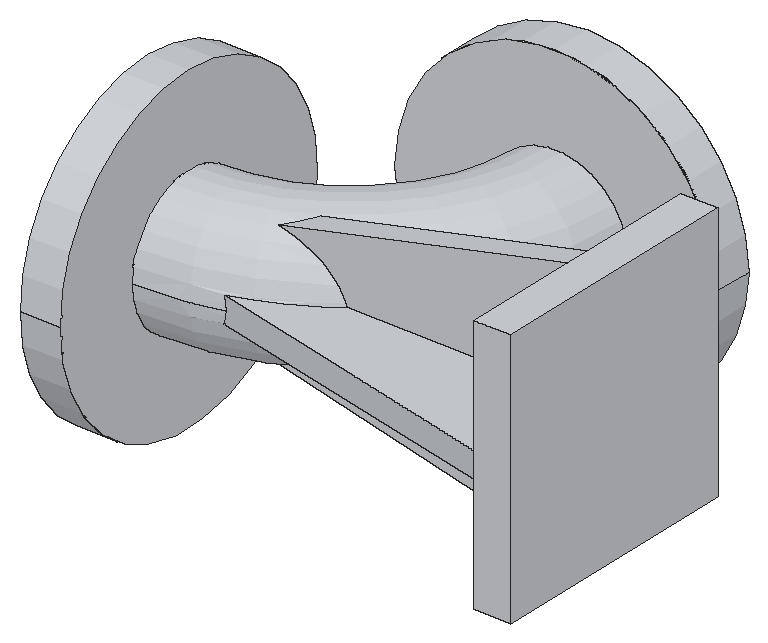
Revit family "M_Base quadrada de cotovelo - Flange - GI - Classe 250", category Conexões de tubo, Revit 2019
Family settings
  Cota do conector redondo = Usar raio
  Tipo de parte = Cotovelo
  Número OmniClass = 23.60.30.11.14
  Título OmniClass = Pipework Fittings
  ID de item do Seek = Elbow Square Base - Flanged - GI - Class 250-0000-CAN-ENU
  Com base no plano de trabalho = Não
  Sempre na vertical = Sim
  Corte com vazios quando carregada = Não
  Compartilhado = Não
Parameters (values of type "Padrão")
  Espessura da parede [instance] = size_lookup(Nome da tabela de pesquisa, "WThk", 0.06 * Diâmetro nominal + 9.624 mm, Diâmetro nominal)  # 11.1 mm
  Método de perda = Coeficiente K da tabela
  Nome da tabela de pesquisa = "M_Elbow Square Base - Flanged - GI - Class 250"
  Comprimento 7 [instance] = Centro à base + Centro à face - Comprimento 4 - Espessura do flange  # 168.245 mm
  Comprimento 6 [instance] = Centro à face * sin(Ângulo)  # 127 mm
  Comprimento 5 [instance] = Centro à face + Centro à face * cos(Ângulo)  # 127 mm
  Tamanho da marca de revisão [instance] = Diâmetro da flange * 0.4  # 66 mm
  Largura de base quadrada [instance] = size_lookup(Nome da tabela de pesquisa, "SBW", 0.57 * Diâmetro nominal + 112.415 mm, Diâmetro nominal)  # 133 mm
  Espessura das nervuras [instance] = size_lookup(Nome da tabela de pesquisa, "RThk", 0.04 * Diâmetro nominal + 12.898 mm, Diâmetro nominal)  # 13 mm
  Espessura da face elevada [instance] = 1.587 mm  # constant formula
  Raio da face elevada [instance] = Diâmetro da face elevada / 2  # 53 mm
  Diâmetro da face elevada [instance] = size_lookup(Nome da tabela de pesquisa, "RFD", 1.2 * Diâmetro nominal + 50.899 mm, Diâmetro nominal)  # 106 mm
  Comprimento 4 [instance] = sqrt(2 * Espessura das nervuras * Raio do centro - Espessura das nervuras * Espessura das nervuras)  # 50.555 mm
  Comprimento 3 [instance] = if(Largura de base quadrada * 0.15 < Raio externo da conexão * 0.8, Largura de base quadrada * 0.15, Raio externo da conexão * 0.8)  # 19.95 mm
  Comprimento 2 [instance] = Espessura do flange - Espessura da face elevada  # 20.613 mm
  Tabela de coeficiente K = "Cotovelo regular flangeado 90 e 180"
  Raio externo da conexão [instance] = Diâmetro externo da conexão / 2  # 36.6 mm
  Diâmetro externo da conexão [instance] = Diâmetro interno da conexão + Espessura da parede * 2  # 73.2 mm
  Comprimento 1 [instance] = (Raio externo da conexão + 0.794 mm) * tan(Ângulo / 2) + Espessura do flange  # 59.594 mm
  Raio nominal [instance] = 25 mm
  Diâmetro nominal [instance] = Raio nominal * 2  # 50 mm
  Diâmetro interno da conexão [instance] = size_lookup(Nome da tabela de pesquisa, "FID", 0.97 * Diâmetro nominal + 2.58 mm, Diâmetro nominal)  # 51 mm
  Centro à face 1 [instance] = size_lookup(Nome da tabela de pesquisa, "CtF1", 0.82 * Diâmetro nominal + 88.702 mm, Diâmetro nominal)  # 127 mm
  Centro à face 2 [instance] = size_lookup(Nome da tabela de pesquisa, "CtF2", 0.43 * Diâmetro nominal + 61.119 mm, Diâmetro nominal)  # 76 mm
  Centro à face [instance] = if(and(Ângulo > 0.00°, (not(Ângulo > 45.00°))), if(Centro à face 2 > Raio externo da conexão * tan(Ângulo / 2) + Espessura do flange, Centro à face 2, Comprimento 1), if(Centro à face 1 > Raio externo da conexão * tan(Ângulo / 2) + Espessura do flange, Centro à face 1, Comprimento 1))  # 127 mm
  Centro à base [instance] = size_lookup(Nome da tabela de pesquisa, "CtB", 0.75 * Diâmetro nominal + 75.902 mm, Diâmetro nominal)  # 114 mm
  Raio do centro [instance] = (Centro à face - Espessura do flange) / tan(Ângulo / 2)  # 104.8 mm
  Espessura do flange [instance] = size_lookup(Nome da tabela de pesquisa, "FThk", 0.08 * Diâmetro nominal + 21.53 mm, Diâmetro nominal)  # 22.2 mm
  Raio da flange [instance] = Diâmetro da flange / 2  # 82.5 mm
  Diâmetro da flange [instance] = size_lookup(Nome da tabela de pesquisa, "FDia", 1.34 * Diâmetro nominal + 106.362 mm, Diâmetro nominal)  # 165 mm
  Espessura base [instance] = size_lookup(Nome da tabela de pesquisa, "BThk", 0.052 * Diâmetro nominal + 17.661 mm, Diâmetro nominal)  # 19 mm
  Assembly Code = ""
  Ângulo [instance] = 90.00°
Reference planes
  plane 1 "Centro (Frente/Trás)": y = 0
  plane 2: z = 0
  plane 3 "Centro (Esquerda/Direita)": x = 0
  plane 4: x = -104.8
  plane 5: x = -127
  plane 6: y = 104.8
  plane 7: y = 66
  plane 8: y = -66
  plane 9: x = -125.412
  plane 10: x = 95
  plane 11: x = 114
  plane 12: z = 6.5
  plane 13: z = -6.5
  plane 14: y = -6.5
  plane 15: y = 6.5
  plane 16: y = 13
  plane 17: y = 127
  plane 18: x = 0
Forms (mm)
  Sweep 1, solid, detail levels fine
    path in 3D
      loop
        line (-125.412, 0, 0) -> (-104.8, 0, 0)
    profile origin (-115.106, 0, 0) x (0, 1, 0) y (0, 0, 1)
      loop
        circle (0, 0) r 82.5
  Sweep 2, solid, detail levels fine
    path in 3D
      loop
        line (0, 104.8, 0) -> (0, 125.412, 0)
    profile origin (0, 115.106, 0) x (-1, 0, 0) y (0, 0, 1)
      loop
        circle (0, 0) r 82.5
  Sweep 3, solid, detail levels fine
    path in 3D
      loop
        line (-127, 0, 0) -> (-125.412, 0, 0)
    profile origin (-126.206, 0, 0) x (0, 1, 0) y (0, 0, 1)
      loop
        circle (0, 0) r 53
  Extrusion 4, solid, detail levels fine
    sketch origin (0, 0, 0) x (0, 1, 0) y (0, 0, 1)
      loop
        line (66.5, 66.5) -> (-66.5, 66.5) -> (-66.5, -66.5) -> (66.5, -66.5) -> (66.5, 66.5)
    from 95 to 114
  Extrusion 5, solid, detail levels fine
    sketch origin (0, 0, 0) x (1, 0, 0) y (0, 1, 0)
      loop
        line (-104.8, 19.95) -> (-104.8, -19.95) -> (95, -66.5) -> (95, 66.5) -> (-104.8, 19.95)
    from -6.5 to 6.5
  Extrusion 6, solid, detail levels fine
    sketch origin (0, 0, 0) x (1, 0, 0) y (0, 0, 1)
      loop
        line (-104.8, 19.95) -> (-104.8, -19.95) -> (95, -66.5) -> (95, 66.5) -> (-104.8, 19.95)
    from -6.5 to 6.5
  Sweep 7, solid, detail levels fine
    path in 3D
      loop
        line (0, 127, 0) -> (0, 125.412, 0)
    profile origin (0, 126.206, 0) x (1, 0, 0) y (0, 0, 1)
      loop
        circle (0, 0) r 53
  Sweep 8, solid, detail levels fine
    path in 3D
      loop
        arc (-104.8, 0, 0) -> (-30.695, 30.695, 0) -> (0, 104.8, 0) r 104.8
    profile origin (-30.695, 30.695, 0) x (-0.707107, 0.707107, 0) y (0, 0, 1)
      loop
        circle (0, 0) r 36.6
Cuts and joins
  joined: Sweep 1, Sweep 2, Sweep 3, Extrusion 4, Extrusion 5, Extrusion 6, Sweep 7, Sweep 8
Lines and regions (mm)
  model lines, detail levels coarse+medium
    curve 1: line (-125.412, 0, 0) -> (-104.8, 0, 0)
    curve 2: arc (-104.8, 0, 0) -> (-30.695, 30.695, 0) -> (0, 104.8, 0) r 104.8
    curve 3: line (0, 104.8, 0) -> (0, 125.412, 0)
    curve 6: line (-127, 0, 0) -> (-127, 66, 0)
    curve 7: line (-127, 0, 0) -> (-127, -66, 0)
    curve 8: line (-127, 0, 0) -> (-125.412, 0, 0)
    curve 10: line (-104.8, 0, 0) -> (114, 0, 0)
    curve 11: line (0, 127, 0) -> (-66, 127, 0)
    curve 12: line (0, 127, 0) -> (66, 127, 0)
    curve 13: line (0, 127, 0) -> (0, 125.412, 0)
    curve 15: line (-54.245, 13, 0) -> (114, 13, 0)
  sketch lines
    curve 4: line (-125.412, 0, 0) -> (-104.8, 0, 0)
    curve 5: line (0, 104.8, 0) -> (0, 125.412, 0)
    curve 9: line (-127, 0, 0) -> (-125.412, 0, 0)
    curve 14: line (0, 127, 0) -> (0, 125.412, 0)
    curve 16: arc (-104.8, 0, 0) -> (-30.695, 30.695, 0) -> (0, 104.8, 0) r 104.8
Dimensions and locks
  "Raio do centro": plane 6 to plane 1 "Centro (Frente/Trás)"
  "Espessura do flange": plane 5 to plane 4
  "Tamanho da marca de revisão": plane 7 to plane 1 "Centro (Frente/Trás)"
  "Tamanho da marca de revisão": plane 8 to plane 1 "Centro (Frente/Trás)"
  "Comprimento 2": curve 3 to curve 3
  "Centro à face": plane 5 to plane 3 "Centro (Esquerda/Direita)"
  "Espessura da face elevada": plane 5 to plane 9
  "Centro à base": plane 3 "Centro (Esquerda/Direita)" to plane 11
  "Espessura base": plane 10 to plane 11
  equal spacing: Extrusion 5 sketch curve, plane 1 "Centro (Frente/Trás)", Extrusion 5 sketch curve  (x2)
  "Largura de base quadrada": Extrusion 5 sketch curve to Extrusion 5 sketch curve
  equal spacing: plane 12, plane 2, plane 13
  "Espessura das nervuras": plane 12 to plane 13
  equal spacing: Extrusion 6 sketch curve, plane 2, Extrusion 6 sketch curve  (x2)
  "Comprimento 3": Extrusion 6 sketch curve to plane 2
  "Largura de base quadrada": Extrusion 6 sketch curve to Extrusion 6 sketch curve
  "Comprimento 3": plane 1 "Centro (Frente/Trás)" to Extrusion 5 sketch curve
  equal spacing: plane 14, plane 1 "Centro (Frente/Trás)", plane 15
  "Espessura das nervuras": plane 14 to plane 15
  "Espessura das nervuras": plane 16 to plane 1 "Centro (Frente/Trás)"
  equal spacing: Extrusion 4 sketch curve, plane 1 "Centro (Frente/Trás)", Extrusion 4 sketch curve
  "Largura de base quadrada": Extrusion 4 sketch curve to Extrusion 4 sketch curve  (x2)
  equal spacing: Extrusion 4 sketch curve, plane 2, Extrusion 4 sketch curve
  "Comprimento 6": plane 17 to plane 1 "Centro (Frente/Trás)"
  "Comprimento 5": plane 5 to plane 18
  "Tamanho da marca de revisão": curve 11 to curve 11
  "Tamanho da marca de revisão": curve 12 to curve 12
  "Espessura da face elevada": curve 13 to curve 13
  "Comprimento 7": curve 15 to curve 15
  "Raio do centro": radius of curve 2
  "Raio da flange": radius of Sweep 1 sketch curve
  "Raio da flange": radius of Sweep 2 sketch curve
  "Raio da face elevada": radius of Sweep 3 sketch curve
  "Raio da face elevada": radius of Sweep 7 sketch curve
  "Raio externo da conexão": radius of Sweep 8 sketch curve
  "Ângulo": angle curve 2 to curve 2
  "Ângulo": angle plane 1 "Centro (Frente/Trás)" to curve 3
  "Ângulo": angle plane 3 "Centro (Esquerda/Direita)" to curve 11
  "Ângulo": angle plane 3 "Centro (Esquerda/Direita)" to curve 12
  "Ângulo": angle plane 1 "Centro (Frente/Trás)" to curve 13
  aligned and locked: plane 4 to curve 2
  aligned and locked: plane 7 to curve 6
  aligned and locked: plane 1 "Centro (Frente/Trás)" to curve 7
  aligned and locked: plane 8 to curve 7
  aligned and locked: plane 9 to curve 1
  aligned and locked: plane 5 to curve 8
  aligned and locked: Extrusion 4 to plane 10
  aligned and locked: plane 11 to Extrusion 4
  aligned and locked: plane 10 to Extrusion 5 sketch curve
  aligned and locked: Extrusion 5 sketch curve to plane 4
  aligned and locked: Extrusion 5 to plane 13
  aligned and locked: plane 12 to Extrusion 5
  aligned and locked: Extrusion 6 sketch curve to plane 4
  aligned and locked: plane 10 to Extrusion 6 sketch curve
  aligned and locked: Extrusion 6 to plane 14
  aligned and locked: plane 15 to Extrusion 6
  aligned and locked: plane 4 to curve 10
  aligned and locked: plane 11 to curve 10
  aligned and locked: plane 1 "Centro (Frente/Trás)" to curve 10
  aligned and locked: plane 11 to curve 15
Automatic sketch dimensions
  Sweep 1 sketch curve to profile plane = 0 mm  (x2)
  Sweep 2 sketch curve to profile plane = 0 mm  (x2)
  Sweep 3 sketch curve to profile plane = 0 mm  (x2)
  Sweep 7 sketch curve to profile plane = 0 mm  (x2)
  Sweep 8 sketch curve to profile plane = 0 mm
  profile plane to Sweep 8 sketch curve = 0 mm
Connectors
  piping at (-127, 0, 0), diameter 50, driven by "Raio nominal", driven by "Ângulo"
    settings: on cut or joined group of Sweep 1, Sweep 2, Sweep 3, Extrusion 4, Extrusion 5, Extrusion 6, Sweep 7, Sweep 8, index 1, connector inside diameter 50 mm, connector length 0 mm, flow factor 0, pipe flow 0.0 L/s, pressure drop 0.0 Pa, fitting loss kfactor 0, connector angle 90.00°, fixture units 0, engagement length 0 mm, angle of deflection 0.00°, flow configuration 0, flow direction 0, fitting loss method 0, system type 28, joint type 0, gender type 0, connector reference index 2, connector utility 0, adjustable connector no, is connector primary yes, connector description ""
  piping at (0, 127, 0), diameter 50, driven by "Raio nominal", driven by "Ângulo"
    settings: on cut or joined group of Sweep 1, Sweep 2, Sweep 3, Extrusion 4, Extrusion 5, Extrusion 6, Sweep 7, Sweep 8, index 2, connector inside diameter 50 mm, connector length 0 mm, flow factor 0, pipe flow 0.0 L/s, pressure drop 0.0 Pa, fitting loss kfactor 0, connector angle 90.00°, fixture units 0, engagement length 0 mm, angle of deflection 0.00°, flow configuration 0, flow direction 0, fitting loss method 0, system type 28, joint type 0, gender type 0, connector reference index 1, connector utility 0, adjustable connector no, is connector primary no, connector description ""
